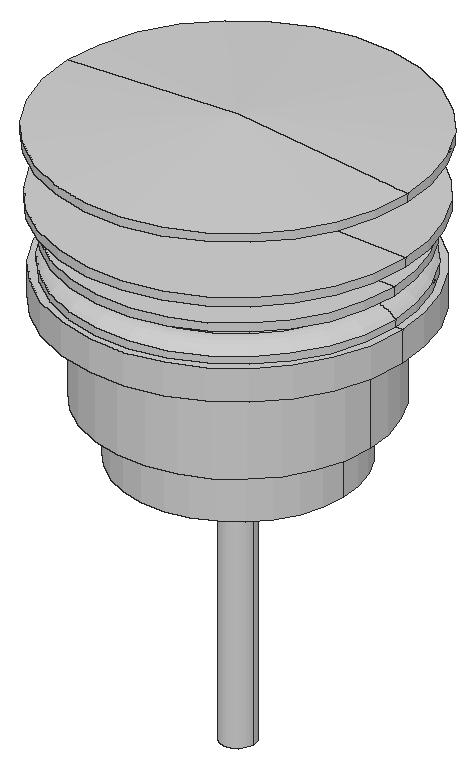
Revit family "BasinTopStrainer-Vitra-UniversalSeries-A45148", category Plumbing Fixtures, Revit 2017
Family settings
  Round Connector Dimension = Use Diameter
  Part Type = Normal
  OmniClass Number = 23.45.00.00
  OmniClass Title = Sanitary, Laundry, and Cleaning Equipment
  Work Plane-Based = Yes
  Always vertical = No
  Cut with Voids When Loaded = No
  Shared = No
  Room Calculation Point = No
Parameters (values of type "BasinGridStrainer-Vitra-UniversalSeries-A45148")
  Youtube clip = "https://www.youtube.com/user/VitrAglobal"
  Width(mm) = 68 mm
  Weight Net (Kg) = 0.338
  Waste Connection = yes
  Warranty Period (Year) = "5"
  Uniformat II Description = "Plumbing Fixtures"
  Uniformat II Code = "D2010"
  Uniclass 2015 Name = "Drainage traps and accessories"
  Uniclass 2015 Code = "Pr_65_52_25"
  Uniclass 2.0 Description = "Drainage Traps"
  Uniclass 2.0 Code = "PR-62-24"
  Uniclass 1.4 Description = "Traps for sinks and basins"
  Uniclass 1.4 Code = "L7254"
  URL = "https://vitraglobal.com/"
  UNSPSC Code = "Traps and strainers"
  Technical description = "https://www.vitraglobal.com/faucets-shower-systems-accessories/faucet-complementary/traps/waste-set-universal-sku-a45148/print"
  Region South America = "All"
  Region Oceania = "All"
  Region North America = "All"
  Region Middle East = "All"
  Region Europe = "All"
  Region Asia = "All"
  Region Antarctica = "All"
  Region Africa = "All"
  Product url = ""
  Product group = "Basic Grid Strainer"
  Product family = "UniversalSeries"
  Product data url = "https://www.vitraglobal.com/faucets-shower-systems-accessories/faucet-complementary/traps/waste-set-universal-sku-a45148"
  Product certification = "https://vitraglobal.com/catalogues/quality-certificates"
  Product Type = "Basic Grid Strainer"
  Product SKU = "A45148"
  Product Properties = ""
  Product Guid = ""
  OmniClass Description = "Liquid Traps"
  OmniClass Code = "23-27 37 00"
  Number Of Connections = "1"
  Nominal width = 0
  Nominal height = 0
  NBS Reference Description = "Drainage Traps"
  NBS Reference Code = "62-24"
  MountingType = "Pipe connection"
  Model = "A45148"
  Masterformat 2014 Description = "Plumbing Fixtures"
  Masterformat 2014 Code = "22 40 00"
  Manufacturer name = "Vitra"
  Manufacturer country = "Turkey"
  Manufacturer = "Vitra"
  Installation instructions = ""
  IFC Classification = "Sanitary Terminal"
  Height(mm) = 100 mm
  HW Connection = no
  GTIP code = ""
  Features = ""
  EAN code = ""
  Design country = ""
  Description = ""
  Depth(mm) = 68 mm
  Default Elevation = 650 mm
  Date of publishing = ""
  Cost = 0
  Connection Diameter (mm) = 32 mm
  Color = "Chrome"
  Coating Material = Vitra-Chrome
  CW Connection = no
  COBIe Type Category = ""
  Brand = "Vitra"
  BIMobject category = "Sanitary - Taps & Mixers"
  Article No. (default) = "A45148"
  Approvals = ""
  ApplicationType = ""
Types (5, lengths in mm): name | Technical description | Product data url | Product SKU | Model | Installation instructions | Color | Coating Material | Article No. (default)
  BasinGridStrainer-Vitra-UniversalSeries-A45148 | "https://www.vitraglobal.com/faucets-shower-systems-accessories/faucet-complementary/traps/waste-set-universal-sku-a45148/print" | "https://www.vitraglobal.com/faucets-shower-systems-accessories/faucet-complementary/traps/waste-set-universal-sku-a45148" | "A45148" | "A45148" | "" | "Chrome" | Vitra-Chrome | "A45148"
  BasinGridStrainer-Vitra-UniversalSeries-A4514826 | "https://www.vitraglobal.com/faucets-shower-systems-accessories/faucet-complementary/traps/waste-set-universal-sku-a4514826/print" | "https://www.vitraglobal.com/faucets-shower-systems-accessories/faucet-complementary/traps/waste-set-universal-sku-a4514826" | "A4514826" | "A4514826" | "" | "Chrome" | Copper | "A4514826"
  BasinGridStrainer-Vitra-UniversalSeries-A45148EXP | "https://www.vitraglobal.com/faucets-shower-systems-accessories/faucet-complementary/traps/sifon-waste-set-universal-sku-a45148exp/print" | "https://www.vitraglobal.com/faucets-shower-systems-accessories/faucet-complementary/traps/sifon-waste-set-universal-sku-a45148exp" | "A45148EXP" | "A45148EXP" | "" | "Chrome" | Vitra-Chrome | "A45148EXP"
  BasinGridStrainer-Vitra-UniversalSeries-A4514826EXP | "https://www.vitraglobal.com/faucets-shower-systems-accessories/faucet-complementary/traps/sifon-waste-set-universal-sku-a4514826exp/print" | "https://www.vitraglobal.com/faucets-shower-systems-accessories/faucet-complementary/traps/sifon-waste-set-universal-sku-a4514826exp" | "A4514826EXP" | "A4514826EXP" | "https://cdn.vitra.com.tr/501-A4514826EXP-MD.pdf" | "Copper" | Copper | "A4514826EXP"
  BasinGridStrainer-Vitra-UniversalSeries-A4514823EXP | "https://www.vitraglobal.com/faucets-shower-systems-accessories/faucet-complementary/traps/sifon-waste-set-universal-sku-a4514823exp/print" | "https://www.vitraglobal.com/faucets-shower-systems-accessories/faucet-complementary/traps/sifon-waste-set-universal-sku-a4514823exp" | "A4514823EXP" | "A4514823EXP" | "https://cdn.vitra.com.tr/501-A4514826EXP-MD.pdf" | "Gold" | Gold | "A4514823EXP"
Reference planes
  plane 1 "Center (Front/Back)": y = 0
  plane 2: z = 0
  plane 3 "Center (Left/Right)": x = 0
  plane 4: y = 33.75
  plane 5: y = -34.25
  plane 6: x = 33.75
  plane 7: x = -34.25
  plane 8: z = -100
  plane 9: z = 20.531
Forms (mm)
  Revolve 1, solid, material "Vitra-Chrome" <- "Coating Material"
    sketch origin (0, 0, 0) x (1, 0, 0) y (0, 0, -1)
      loop
        line (0, 85) -> (0, -20.174)
        arc (0, -20.174) -> (16.032, -19.522) -> (32.008, -18.031) r 305.937
        line (32.008, -18.031) -> (32.008, -16.588) -> (7.859, -16.588) -> (7.859, -11.252) -> (7.107, -6.987) -> (31.539, -6.987) -> (31.539, -5.455) -> (24.201, -3.571)
        arc (24.201, -3.571) -> (22.578, -2.807) -> (21.351, -1.5) r 4.786
        line (21.351, -1.5) -> (29.5, -1.5) -> (29.5, 0) -> (20.724, 0) -> (20.5, 1.268) -> (7.135, 1.268) -> (7.316, 2.291) -> (25.845, 2.291)
        arc (25.845, 2.291) -> (27.952, 2.74) -> (29.695, 4.008) r 5.175
        line (29.695, 4.008) -> (29.695, 5.3) -> (31, 5.3) -> (31, 10.9) -> (25, 10.9) -> (25, 27.3) -> (19.997, 27.3) -> (19.997, 37.3) -> (6, 37.3) -> (6, 39.756) -> (3, 39.756) -> (3, 85) -> (0, 85)
      axis (0, 85) -> (0, -20.174)
    angle from 0 to 360
Lines and regions (mm)
  Masking region 1, detail levels coarse
    outline origin (0, 0, 0) x (1, 0, 0) y (0, 0, 1)
      loop
        line (10.5, 66) -> (-11, 66) -> (-11, 0) -> (10.5, 0) -> (10.5, 66)
  Masking region 2, detail levels medium
    outline origin (0, 0, 0) x (1, 0, 0) y (0, 0, 1)
      loop
        line (-35.25, 47) -> (35.25, 47) -> (35.25, 61) -> (-35.25, 61) -> (-35.25, 47)
  Masking region 3, detail levels medium
    outline origin (0, 0, 0) x (1, 0, 0) y (0, 0, 1)
      loop
        line (-35.25, 61) -> (35.25, 61) -> (20.55, 66) -> (-20.55, 66) -> (-35.25, 61)
  Masking region 4, detail levels fine
    outline origin (0, 0, 0) x (1, 0, 0) y (0, 0, 1)
      loop
        line (10.5, 60.177) -> (-11, 60.177) -> (-11, 47) -> (10.5, 47) -> (10.5, 60.177)
      loop
        line (-15.27, 21.742) -> (-15.27, 20.242) -> (15.27, 20.242) -> (15.27, 21.742) -> (-15.27, 21.742)
      loop
        line (-8.431, 17.647) -> (-8.431, 16.361) -> (8.43, 16.361) -> (8.43, 17.647) -> (-8.431, 17.647)
      loop
        line (-7.746, 11.304) -> (-7.746, 13.2) -> (-11.623, 13.2) -> (-11.623, 0) -> (11.623, 0) -> (11.623, 13.2) -> (7.746, 13.2) -> (7.746, 11.304)
        arc (7.746, 11.304) -> (0, 10.498) -> (-7.746, 11.304) r 37.629
  Masking region 5, detail levels fine
    outline origin (0, 0, 0) x (1, 0, 0) y (0, 0, 1)
      loop
        arc (-10.5, 60.177) -> (0, -1040.113) -> (10.5, 60.177) r 550.195
        line (10.5, 60.177) -> (-10.5, 60.177)
      loop
        line (-16.8, 47) -> (-16.8, 21.947) -> (16.8, 21.947) -> (16.8, 47) -> (-16.8, 47)
      loop
        line (-7.746, 13.2) -> (-7.746, 11.304) -> (7.746, 11.304) -> (7.746, 13.2)
        arc (7.746, 13.2) -> (4.097, 15.277) -> (0, 16.199) r 14.241
        arc (0, 16.199) -> (-4.097, 15.277) -> (-7.746, 13.2) r 14.241
  Masking region 6, detail levels fine
    outline origin (0, 0, 0) x (1, 0, 0) y (0, 0, 1)
      loop
        arc (0, 16.199) -> (4.097, 15.277) -> (7.746, 13.2) r 14.241
        line (7.746, 13.2) -> (11.59, 13.2) -> (8.43, 16.361) -> (-8.431, 16.361) -> (-11.592, 13.2) -> (-7.746, 13.2)
        arc (-7.746, 13.2) -> (-4.097, 15.277) -> (0, 16.199) r 14.241
      loop
        line (-8.431, 17.647) -> (8.43, 17.647) -> (10.227, 20.242) -> (-10.248, 20.242) -> (-8.431, 17.647)
      loop
        line (-16.8, 21.947) -> (-15.27, 21.742) -> (15.27, 21.742) -> (16.8, 21.947) -> (-16.8, 21.947)
Dimensions and locks
  "Depth(mm)": plane 4 to plane 5
  "Width(mm)": plane 7 to plane 6
  "Height(mm)": plane 2 to plane 8
  aligned and locked: plane 2 to level
Automatic sketch dimensions
  Masking region 1 sketch curve to level = 0 mm
  Masking region 1 sketch curve to plane 7 = 44.75 mm
  plane 6 to Masking region 1 sketch curve = 44.75 mm
  level to Masking region 1 sketch curve = 66 mm
  Masking region 2 sketch curve to plane 3 "Center (Left/Right)" = 35.25 mm
  plane 3 "Center (Left/Right)" to Masking region 2 sketch curve = 35.25 mm
  level to Masking region 2 sketch curve = 47 mm
  Masking region 2 sketch curve to Masking region 2 sketch curve = 14 mm
  Masking region 3 sketch curve to plane 3 "Center (Left/Right)" = 35.25 mm
  Masking region 3 sketch curve to Masking region 3 sketch curve = 14.7 mm  (x2)
  plane 3 "Center (Left/Right)" to Masking region 3 sketch curve = 20.55 mm
  level to Masking region 3 sketch curve = 61 mm
  Masking region 3 sketch curve to Masking region 3 sketch curve = 5 mm
  Masking region 4 sketch curve to level = 0 mm
  Masking region 4 sketch curve to plane 7 = 44.75 mm
  Masking region 4 sketch curve to plane 3 "Center (Left/Right)" = 15.27 mm
  Masking region 4 sketch curve to plane 3 "Center (Left/Right)" = 11.623 mm
  Masking region 4 sketch curve to Masking region 4 sketch curve = 3.192 mm
  Masking region 4 sketch curve to Masking region 4 sketch curve = 0.685 mm
  plane 3 "Center (Left/Right)" to Masking region 4 sketch curve = 0 mm
  plane 3 "Center (Left/Right)" to Masking region 4 sketch curve = 7.746 mm
  Masking region 4 sketch curve to Masking region 4 sketch curve = 0.684 mm
  plane 3 "Center (Left/Right)" to Masking region 4 sketch curve = 11.623 mm
  Masking region 4 sketch curve to Masking region 4 sketch curve = 6.84 mm
  plane 6 to Masking region 4 sketch curve = 44.75 mm
  level to Masking region 4 sketch curve = 11.304 mm
  Masking region 4 sketch curve to Masking region 4 sketch curve = 1.896 mm  (x2)
  Masking region 4 sketch curve to Masking region 4 sketch curve = 3.16 mm
  Masking region 4 sketch curve to Masking region 4 sketch curve = 1.286 mm
  Masking region 4 sketch curve to Masking region 4 sketch curve = 2.595 mm
  Masking region 4 sketch curve to Masking region 4 sketch curve = 1.5 mm
  level to Masking region 4 sketch curve = 47 mm
  Masking region 4 sketch curve to Masking region 4 sketch curve = 26.385 mm
  Masking region 4 sketch curve to Masking region 4 sketch curve = 13.177 mm
  Masking region 5 sketch curve to plane 7 = 44.75 mm
  Masking region 5 sketch curve to plane 3 "Center (Left/Right)" = 16.8 mm
  Masking region 5 sketch curve to plane 3 "Center (Left/Right)" = 7.746 mm
  Masking region 5 sketch curve to plane 3 "Center (Left/Right)" = 1.046 mm
  plane 3 "Center (Left/Right)" to Masking region 5 sketch curve = 0 mm
  plane 3 "Center (Left/Right)" to Masking region 5 sketch curve = 1.046 mm
  plane 3 "Center (Left/Right)" to Masking region 5 sketch curve = 7.746 mm
  Masking region 5 sketch curve to Masking region 5 sketch curve = 9.054 mm
  Masking region 5 sketch curve to level = 489.918 mm
  level to Masking region 5 sketch curve = 1.997 mm  (x2)
  level to Masking region 5 sketch curve = 11.304 mm
  Masking region 5 sketch curve to Masking region 5 sketch curve = 1.896 mm  (x2)
  Masking region 5 sketch curve to Masking region 5 sketch curve = 8.747 mm
  Masking region 5 sketch curve to Masking region 5 sketch curve = 25.053 mm
  level to Masking region 5 sketch curve = 60.177 mm
  Masking region 6 sketch curve to plane 3 "Center (Left/Right)" = 16.8 mm
  Masking region 6 sketch curve to Masking region 6 sketch curve = 1.53 mm  (x2)
  Masking region 6 sketch curve to Masking region 6 sketch curve = 3.678 mm
  Masking region 6 sketch curve to Masking region 6 sketch curve = 5.021 mm
  Masking region 6 sketch curve to Masking region 6 sketch curve = 1.817 mm
  Masking region 6 sketch curve to Masking region 6 sketch curve = 0 mm  (x2)
  Masking region 6 sketch curve to Masking region 6 sketch curve = 0.685 mm
  Masking region 6 sketch curve to plane 3 "Center (Left/Right)" = 1.046 mm
  plane 3 "Center (Left/Right)" to Masking region 6 sketch curve = 1.046 mm
  plane 3 "Center (Left/Right)" to Masking region 6 sketch curve = 7.746 mm
  Masking region 6 sketch curve to Masking region 6 sketch curve = 0.684 mm
  Masking region 6 sketch curve to Masking region 6 sketch curve = 1.797 mm
  Masking region 6 sketch curve to Masking region 6 sketch curve = 3.844 mm
  Masking region 6 sketch curve to Masking region 6 sketch curve = 5.043 mm
  level to Masking region 6 sketch curve = 1.997 mm  (x2)
  level to Masking region 6 sketch curve = 13.2 mm
  Masking region 6 sketch curve to Masking region 6 sketch curve = 11.203 mm
  Masking region 6 sketch curve to Masking region 6 sketch curve = 3.16 mm
  Masking region 6 sketch curve to Masking region 6 sketch curve = 1.286 mm
  Masking region 6 sketch curve to Masking region 6 sketch curve = 2.595 mm
  Masking region 6 sketch curve to Masking region 6 sketch curve = 1.5 mm
  Masking region 6 sketch curve to Masking region 6 sketch curve = 0.205 mm
  Revolve 1 sketch curve to plane 3 "Center (Left/Right)" = 0 mm  (x2)
  Revolve 1 sketch curve to level = 0 mm
  Revolve 1 sketch curve to plane 3 "Center (Left/Right)" = 4.404 mm
  plane 3 "Center (Left/Right)" to Revolve 1 sketch curve = 3 mm
  Revolve 1 sketch curve to Revolve 1 sketch curve = 3 mm
  plane 3 "Center (Left/Right)" to Revolve 1 sketch curve = 7.107 mm
  Revolve 1 sketch curve to level = 1.268 mm
  plane 3 "Center (Left/Right)" to Revolve 1 sketch curve = 7.135 mm
  Revolve 1 sketch curve to Revolve 1 sketch curve = 0.18 mm
  Revolve 1 sketch curve to Revolve 1 sketch curve = 0.752 mm
  Revolve 1 sketch curve to Revolve 1 sketch curve = 13.997 mm
  Revolve 1 sketch curve to Revolve 1 sketch curve = 13.184 mm
  Revolve 1 sketch curve to Revolve 1 sketch curve = 0.224 mm
  Revolve 1 sketch curve to Revolve 1 sketch curve = 0.627 mm
  level to Revolve 1 sketch curve = 3.571 mm
  Revolve 1 sketch curve to Revolve 1 sketch curve = 2.85 mm
  Revolve 1 sketch curve to Revolve 1 sketch curve = 4.5 mm
  Revolve 1 sketch curve to level = 1.065 mm
  Revolve 1 sketch curve to Revolve 1 sketch curve = 4.041 mm
  Revolve 1 sketch curve to Revolve 1 sketch curve = 0.845 mm
  Revolve 1 sketch curve to Revolve 1 sketch curve = 4.109 mm
  Revolve 1 sketch curve to Revolve 1 sketch curve = 3.85 mm
  Revolve 1 sketch curve to Revolve 1 sketch curve = 1.305 mm
  Revolve 1 sketch curve to Revolve 1 sketch curve = 2.039 mm
  Revolve 1 sketch curve to Revolve 1 sketch curve = 0.469 mm
  Revolve 1 sketch curve to Revolve 1 sketch curve = 3.955 mm
  level to Revolve 1 sketch curve = 6.987 mm
  Revolve 1 sketch curve to Revolve 1 sketch curve = 4.265 mm
  Revolve 1 sketch curve to Revolve 1 sketch curve = 9.601 mm
  Revolve 1 sketch curve to Revolve 1 sketch curve = 1.443 mm
  Revolve 1 sketch curve to Revolve 1 sketch curve = 3.585 mm
  Revolve 1 sketch curve to Revolve 1 sketch curve = 1.023 mm
  Revolve 1 sketch curve to level = 4.008 mm
  Revolve 1 sketch curve to Revolve 1 sketch curve = 1.292 mm
  Revolve 1 sketch curve to Revolve 1 sketch curve = 5.6 mm
  Revolve 1 sketch curve to Revolve 1 sketch curve = 16.4 mm
  Revolve 1 sketch curve to Revolve 1 sketch curve = 10 mm
  Revolve 1 sketch curve to Revolve 1 sketch curve = 2.456 mm
  Revolve 1 sketch curve to Revolve 1 sketch curve = 45.244 mm
  Revolve 1 sketch curve to Revolve 1 sketch curve = 14.032 mm
  Revolve 1 sketch curve to Revolve 1 sketch curve = 4.157 mm
Connectors
  piping at (0, 0, -37.3), diameter 32
    settings: on Revolve 1, index 1, connector inside diameter 24", connector length 0 mm, flow factor 0, pipe flow 0 GPM, pressure drop 0.00 psi, fitting loss kfactor 0, connector angle 0.00°, fixture units 0, engagement length 0 mm, angle of deflection 0.00°, flow configuration 0, flow direction 2, fitting loss method 0, system type 16, joint type 0, gender type 0, connector reference index -1, connector utility 0, adjustable connector no, is connector primary yes, connector description ""
